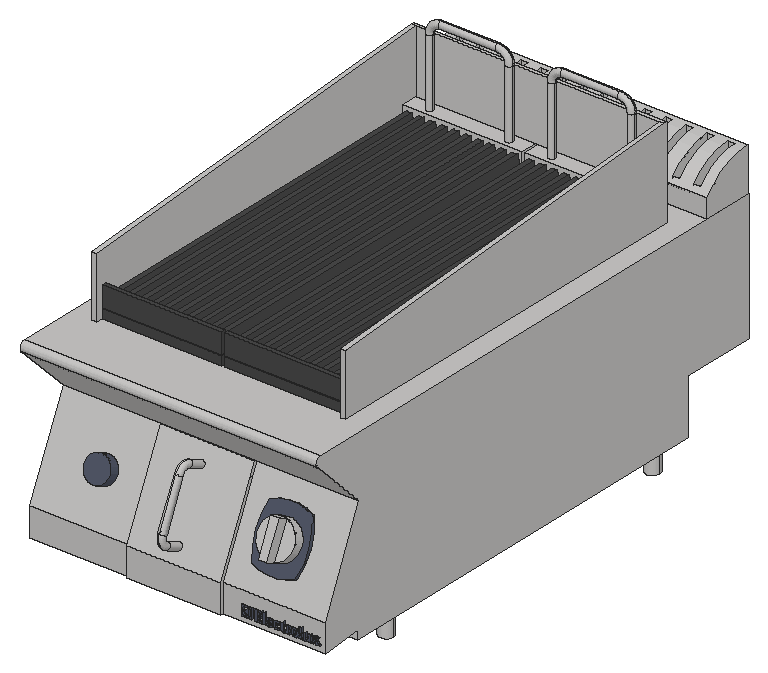
Revit family "QF_ELECTROLUXPROFESSIONAL_371042_E7GRGDGC0P", category Specialty Equipment, Revit 2018
Family settings
  Round Connector Dimension = Use Diameter
  Part Type = Normal
  Work Plane-Based = No
  Always vertical = Yes
  Cut with Voids When Loaded = No
  Shared = No
  Room Calculation Point = No
Parameters
  Width = 400.1 mm  # constant formula
  Weight in Pounds = 71  # constant formula
  Watts = 0 W
  URL Cutsheet = "www.electrolux.com/foodservice"
  URL = "www.electrolux.com/foodservice"
  Type Mark [instance] = ""
  Status [instance] = ""
  Specification by User [instance] = ""
  Specification by Manufacturer = ""
  Show Logo [instance] = yes
  Show Clearance [instance] = yes
  Serial Number = ""
  Seismic Rating = ""
  SMACNA No = ""
  Revision Code [instance] = ""
  Omniclass Number and Title = ""
  NAFEM Spec ID Number = ""
  Model = "371042"
  Mechanical Remarks = ""
  Mechanical Connection Type = ""
  Masterspec = ""
  Manufacturer = "ELECTROLUX"
  Item Number [instance] = ""
  Installed By [instance] = ""
  Identify Quantity as Lot [instance] = yes
  Height = 423.9 mm  # constant formula
  HP = "0 HP"
  Gas Size = 12.7 mm  # 1/2"
  Gas RI Height [instance] = 0 mm
  Gas KW = 7  # constant formula
  Gas Input [instance] = 6993.55 VA  # 23863.0 Btu/h
  Gas Connection Height = 0 mm
  Furnished By [instance] = ""
  Foodservice Equipment Identifier [instance] = yes
  Direct Waste Size = 0"
  Description = "700XP Half Module Gas PowerGrill Top"
  Depth = 730.25 mm  # constant formula
  CSI MasterFormat = ""
  CSI Master Format = ""
  Base Height [instance] = 23.813 mm  # constant formula
  Assembly Code = ""
Reference planes
  plane 1 "BACK": y = 0
  plane 2: z = 0
  plane 3 "LEFT": x = 0
  plane 4 "RIGHT": x = 400.1
  plane 5 "FRONT": y = -730.25
  plane 6 "TOP": z = 288.925
  plane 7 "Center Y": x = 200.05
  plane 8 "Center X": y = -365.125
  plane 9 "BASE": z = 23.813
  plane 10 "TOP A": z = 274.638
  plane 11: y = -597.884
  plane 12: y = -147.637
  plane 13: z = 423.9
Forms (mm)
  Extrusion 1, solid, material "QF_Finishes_Stainless Steel"
    sketch origin (0, 0, 0) x (0, 1, 0) y (0, 0, 1)
      loop
        line (0, 274.638) -> (-722.836, 274.638)
        arc (-722.836, 274.638) -> (-729.637, 270.094) -> (-728.041, 262.072) r 7.361
        line (-728.041, 262.072) -> (-657.416, 191.447) -> (-713.772, 69.003) -> (-713.772, 30.903) -> (-660.4, 36.513) -> (-660.4, 23.812) -> (-101.6, 23.812) -> (-101.6, 98.425) -> (0, 98.425) -> (0, 274.638)
    from 0 to 400.1
  Extrusion 2, solid, material "QF_Finishes_Stainless Steel"
    sketch origin (0, 0, 0) x (1, 0, 0) y (0, 1, 0)
      loop
        circle (11.112, -147.638) r 9.525
      loop
        circle (11.112, -597.884) r 9.525
      loop
        circle (388.987, -147.638) r 9.525
      loop
        circle (388.987, -597.884) r 9.525
    from 0 to 23.813
  Extrusion 3, solid, material "QF_Finishes_Stainless Steel"
    sketch origin (0, -101.6, 101.6) x (0, 0, -1) y (-1, 0, 0)
      loop
        circle (43.882, -347.713) r 6.35
    from 0 to 3.175
  Extrusion 4, solid, material "QF_Finishes_Clearance", visible <- "Show Clearance", detail levels coarse
    sketch origin (0, 0, 0) x (1, 0, 0) y (0, 1, 0)
      loop
        line (0, -730.25) -> (0, 0) -> (400.1, 0) -> (400.1, -730.25) -> (550.119, -730.25) -> (550.119, 150.019) -> (-150.019, 150.019) -> (-150.019, -730.25) -> (0, -730.25)
    from 0 to 396
  Extrusion 5, solid, material "QF_Finishes_Black"
    sketch origin (0, 0, 274.638) x (0, -1, 0) y (1, 0, 0)
      loop
        line (636.964, 36.625) -> (636.964, 198.425) -> (130.285, 198.425) -> (130.285, 36.625) -> (636.964, 36.625)
      loop
        line (636.964, 363.475) -> (130.285, 363.475) -> (130.285, 201.625) -> (636.964, 201.625) -> (636.964, 363.475)
    from 0 to 12.7
  Extrusion 6, solid, material "QF_Finishes_Stainless Steel"
    sketch origin (0, 0, 274.638) x (0, -1, 0) y (1, 0, 0)
      loop
        line (130.285, 36.625) -> (130.285, 198.425) -> (107.795, 198.425) -> (107.795, 36.625) -> (130.285, 36.625)
      loop
        line (130.285, 363.475) -> (107.795, 363.475) -> (107.795, 201.625) -> (130.285, 201.625) -> (130.285, 363.475)
    from 0 to 37.056
  Extrusion 7, solid, material "QF_Finishes_Black"
    sketch origin (52.271, -631.964, 287.338) x (-0.153405, 0, 0.988163) y (-0.988163, 0, -0.153405)
      loop
        line (-20.852, -144.668) -> (6.587, -148.928) -> (31.408, 10.957) -> (3.969, 15.217) -> (-20.852, -144.668)
      loop
        line (-21.343, -147.83) -> (-46.164, -307.715) -> (-18.724, -311.975) -> (6.097, -152.09) -> (-21.343, -147.83)
    from 0 to 5
  Sweep 8, solid, material "QF_Finishes_Stainless Steel"
    path origin (-5, -118.772, 30.903) x (0, 0, 1) y (-1, 0, 0)
      loop
        line (280.79, -69.399) -> (372.677, -69.399)
        arc (372.677, -69.399) -> (383.453, -73.862) -> (387.917, -84.639) r 15.24
        line (387.917, -84.639) -> (387.917, -162.081)
        arc (387.917, -162.081) -> (383.453, -172.858) -> (372.677, -177.321) r 15.24
        line (372.677, -177.321) -> (280.79, -177.321)
    profile origin (64.399, -118.772, 357.637) x (-1, 0, 0) y (0, -1, 0)
      loop
        circle (0, 0) r 4.572
  Extrusion 9, solid, material "QF_Finishes_Stainless Steel"
    sketch origin (133.95, 0, 0) x (0, 1, 0) y (0, 0, 1)
      loop
        line (-657.416, 191.447) -> (-660.323, 192.784) -> (-716.972, 69.704) -> (-716.972, 30.903) -> (-713.772, 30.903) -> (-713.772, 69.003) -> (-657.416, 191.447)
    from 0 to 127
  Sweep 10, solid, material "QF_Finishes_Stainless Steel"
    path origin (196.45, 0, 0) x (0, 1, 0) y (0, 0, 1)
      loop
        line (-670.615, 170.424) -> (-691.243, 179.918)
        arc (-691.243, 179.918) -> (-700.956, 180.294) -> (-708.09, 173.692) r 12.7
        line (-708.09, 173.692) -> (-735.638, 113.839)
        arc (-735.638, 113.839) -> (-736.013, 104.126) -> (-729.411, 96.993) r 12.7
        line (-729.411, 96.993) -> (-708.782, 87.498)
    profile origin (196.45, -680.929, 175.171) x (0, -0.418102, -0.9084) y (1, 0, 0)
      loop
        circle (0, 0) r 4.572
  Extrusion 11, solid, material "QF_Finishes_Navy Blue"
    sketch origin (638.031, -727.475, 39.231) x (0, 0.418102, 0.9084) y (-1, 0, 0)
      loop
        circle (98.862, 559.801) r 17.8
    from 0 to 12.7
  Extrusion 12, solid, material "QF_Finishes_Drawer Clearance", visible <- "Show Clearance", detail levels coarse
    sketch origin (133.95, 0, 0) x (0, 1, 0) y (0, 0, 1)
      loop
        line (-660.323, 192.784) -> (-1316.538, 192.784) -> (-1373.188, 69.704) -> (-1373.188, 30.903) -> (-716.972, 30.903) -> (-716.972, 69.704) -> (-660.323, 192.784)
    from 0 to 127
  Extrusion 13, solid, material "QF_Finishes_Stainless Steel"
    sketch origin (35.025, -104.885, 396) x (0, -1, 0) y (0, 0, -1)
      loop
        line (0, 0) -> (540, 38.857) -> (540, 121.362) -> (0, 121.363) -> (0, 0)
    from 0 to -6.35
  Extrusion 14, solid, material "QF_Finishes_Stainless Steel"
    sketch origin (365.025, -104.885, 396) x (0, -1, 0) y (0, 0, 1)
      loop
        line (0, 0) -> (0, -121.363) -> (540, -121.362) -> (540, -38.857) -> (0, 0)
    from 0 to -6.35
  Extrusion 15, solid, material "QF_Finishes_Stainless Steel"
    sketch origin (35.025, -104.885, 274.638) x (0, 0, 1) y (1, 0, 0)
      loop
        line (0, -6.35) -> (121.363, -6.35) -> (121.363, 336.35) -> (0, 336.35) -> (0, -6.35)
    from 0 to 3.2
  Sweep 16, solid, material "QF_Finishes_Stainless Steel"
    path origin (160, -118.772, 30.903) x (0, 0, 1) y (-1, 0, 0)
      loop
        line (280.79, -69.399) -> (372.677, -69.399)
        arc (372.677, -69.399) -> (383.453, -73.862) -> (387.917, -84.639) r 15.24
        line (387.917, -84.639) -> (387.917, -162.106)
        arc (387.917, -162.106) -> (383.453, -172.883) -> (372.677, -177.346) r 15.24
        line (372.677, -177.346) -> (280.79, -177.346)
    profile origin (229.399, -118.772, 357.637) x (-1, 0, 0) y (0, -1, 0)
      loop
        circle (0, 0) r 4.572
  Extrusion 17, solid, material "QF_Finishes_Stainless Steel"
    sketch origin (0, 0, 0) x (0, 1, 0) y (0, 0, 1)
      loop
        line (0, 274.638) -> (0, 333.375)
        arc (0, 333.375) -> (-38.879, 324.991) -> (-69.85, 300.038) r 86.156
        line (-69.85, 300.038) -> (-69.85, 274.638) -> (0, 274.638)
    from 0 to 400.05
  Extrusion 18, void
    sketch origin (0, 0, 274.638) x (-1, 0, 0) y (0, -1, 0)
      loop
        line (-13.453, 6.761) -> (-13.453, 63.911) -> (-22.749, 63.911) -> (-22.749, 6.761) -> (-13.453, 6.761)
    from 25.4 to 63.5
  Extrusion 19, void
    sketch origin (400.05, 0, 274.638) x (1, 0, 0) y (0, 1, 0)
      loop
        line (-13.403, -6.761) -> (-22.699, -6.761) -> (-22.699, -63.911) -> (-13.403, -63.911) -> (-13.403, -6.761)
    from 25.4 to 63.5
  Extrusion 20, void
    sketch origin (27.988, 0, 274.638) x (-1, 0, 0) y (0, -1, 0)
      loop
        line (-13.453, 6.761) -> (-13.453, 63.911) -> (-22.749, 63.911) -> (-22.749, 6.761) -> (-13.453, 6.761)
    from 25.4 to 63.5
  Extrusion 21, void
    sketch origin (55.977, 0, 274.638) x (-1, 0, 0) y (0, -1, 0)
      loop
        line (-13.453, 6.761) -> (-13.453, 63.911) -> (-22.749, 63.911) -> (-22.749, 6.761) -> (-13.453, 6.761)
    from 25.4 to 63.5
  Extrusion 22, void
    sketch origin (83.965, 0, 274.638) x (-1, 0, 0) y (0, -1, 0)
      loop
        line (-13.478, 6.761) -> (-13.478, 63.911) -> (-22.774, 63.911) -> (-22.774, 6.761) -> (-13.478, 6.761)
    from 25.4 to 63.5
  Extrusion 23, void
    sketch origin (111.953, 0, 274.638) x (-1, 0, 0) y (0, -1, 0)
      loop
        line (-13.478, 6.761) -> (-13.478, 63.911) -> (-22.774, 63.911) -> (-22.774, 6.761) -> (-13.478, 6.761)
    from 25.4 to 63.5
  Extrusion 24, void
    sketch origin (139.942, 0, 274.638) x (-1, 0, 0) y (0, -1, 0)
      loop
        line (-13.478, 6.761) -> (-13.478, 63.911) -> (-22.774, 63.911) -> (-22.774, 6.761) -> (-13.478, 6.761)
    from 25.4 to 63.5
  Extrusion 25, void
    sketch origin (167.93, 0, 274.638) x (-1, 0, 0) y (0, -1, 0)
      loop
        line (-13.478, 6.761) -> (-13.478, 63.911) -> (-22.774, 63.911) -> (-22.774, 6.761) -> (-13.478, 6.761)
    from 25.4 to 63.5
  Extrusion 26, void
    sketch origin (195.918, 0, 274.638) x (-1, 0, 0) y (0, -1, 0)
      loop
        line (-13.478, 6.761) -> (-13.478, 63.911) -> (-22.774, 63.911) -> (-22.774, 6.761) -> (-13.478, 6.761)
    from 25.4 to 63.5
  Extrusion 27, void
    sketch origin (223.907, 0, 274.638) x (-1, 0, 0) y (0, -1, 0)
      loop
        line (-13.478, 6.761) -> (-13.478, 63.911) -> (-22.774, 63.911) -> (-22.774, 6.761) -> (-13.478, 6.761)
    from 25.4 to 63.5
  Extrusion 28, void
    sketch origin (251.895, 0, 274.638) x (-1, 0, 0) y (0, -1, 0)
      loop
        line (-13.478, 6.761) -> (-13.478, 63.911) -> (-22.774, 63.911) -> (-22.774, 6.761) -> (-13.478, 6.761)
    from 25.4 to 63.5
  Extrusion 29, void
    sketch origin (279.884, 0, 274.638) x (-1, 0, 0) y (0, -1, 0)
      loop
        line (-13.503, 6.761) -> (-13.503, 63.911) -> (-22.799, 63.911) -> (-22.799, 6.761) -> (-13.503, 6.761)
    from 25.4 to 63.5
  Extrusion 30, void
    sketch origin (307.872, 0, 274.638) x (-1, 0, 0) y (0, -1, 0)
      loop
        line (-13.503, 6.761) -> (-13.503, 63.911) -> (-22.799, 63.911) -> (-22.799, 6.761) -> (-13.503, 6.761)
    from 25.4 to 63.5
  Extrusion 31, void
    sketch origin (335.86, 0, 274.638) x (-1, 0, 0) y (0, -1, 0)
      loop
        line (-13.503, 6.761) -> (-13.503, 63.911) -> (-22.799, 63.911) -> (-22.799, 6.761) -> (-13.503, 6.761)
    from 25.4 to 63.5
  Extrusion 32, solid, material "QF_Finishes_Navy Blue"
    sketch origin (-218.02, -713.772, 69.003) x (0, 0.418102, 0.9084) y (-1, 0, 0)
      loop
        arc (102.623, -510.495) -> (67.041, -502.872) -> (31.333, -509.878) r 90.523
        arc (31.333, -509.878) -> (24.501, -539.078) -> (31.333, -568.278) r 65.822
        arc (31.333, -568.278) -> (67.043, -575.368) -> (102.623, -567.653) r 89.527
        arc (102.623, -567.653) -> (109.181, -539.074) -> (102.623, -510.495) r 65.549
    from 0 to 3.175
  Extrusion 33, solid, material "QF_Finishes_Stainless Steel"
    sketch origin (160.73, -717.485, 68.529) x (0, 0.418102, 0.9084) y (-1, 0, 0)
      loop
        circle (68.826, -160.963) r 25.4
    from 0 to 12.7
  Extrusion 34, solid, material "QF_Finishes_Stainless Steel"
    sketch origin (160.73, -729.022, 73.839) x (0, 0.418102, 0.9084) y (-1, 0, 0)
      loop
        arc (93.558, -166.749) -> (94.226, -160.963) -> (93.558, -155.177) r 25.4
        line (93.558, -155.177) -> (44.094, -155.177)
        arc (44.094, -155.177) -> (43.426, -160.963) -> (44.094, -166.749) r 25.4
        line (44.094, -166.749) -> (93.558, -166.749)
    from 0 to 12.7
  Extrusion 35, solid, material "QF_Finishes_Navy Blue", visible <- "Show Logo"
    sketch origin (0, -713.772, 30.903) x (0, 0, 1) y (-1, 0, 0)
      loop
        line (20.674, -296.698) -> (8.307, -296.698)
        arc (8.307, -296.698) -> (14.491, -301.27) -> (20.674, -296.698) r 6.467
      loop
        arc (20.674, -296.069) -> (19.505, -290.926) -> (14.849, -288.448) r 6.338
        line (14.849, -288.448) -> (14.849, -290.494)
        arc (14.849, -290.494) -> (16.333, -294.149) -> (19.778, -296.069) r 5.941
        line (19.778, -296.069) -> (20.674, -296.069)
      loop
        arc (9.203, -296.069) -> (12.648, -294.149) -> (14.132, -290.494) r 5.941
        line (14.132, -290.494) -> (14.132, -288.448)
        arc (14.132, -288.448) -> (9.438, -290.922) -> (8.148, -296.069) r 6.504
        line (8.148, -296.069) -> (9.203, -296.069)
      loop
        line (21.349, -287.979) -> (7.604, -287.979) -> (7.604, -301.742) -> (21.349, -301.742) -> (21.349, -287.979)
      loop
        arc (21.432, -304.71) -> (21.085, -304.352) -> (20.718, -304.69) r 0.358
        arc (20.718, -304.69) -> (20.404, -305.44) -> (19.687, -305.825) r 1.216
        line (19.687, -305.825) -> (9.274, -305.825)
        arc (9.274, -305.825) -> (8.614, -305.548) -> (8.218, -304.951) r 1.238
        arc (8.218, -304.951) -> (7.823, -304.7) -> (7.518, -305.054) r 0.358
        line (7.518, -305.054) -> (7.518, -314.933) -> (10.269, -314.933) -> (10.269, -314.036)
        arc (10.269, -314.036) -> (9.36, -313.456) -> (8.904, -312.479) r 1.928
        line (8.904, -312.479) -> (8.904, -309.98)
        arc (8.904, -309.98) -> (9.18, -309.251) -> (9.868, -308.887) r 1.101
        line (9.868, -308.887) -> (13.955, -308.887) -> (13.955, -312.561)
        arc (13.955, -312.561) -> (13.602, -313.058) -> (13.037, -313.286) r 1.083
        arc (13.037, -313.286) -> (12.773, -313.591) -> (13.065, -313.869) r 0.292
        line (13.065, -313.869) -> (16.028, -313.869)
        arc (16.028, -313.869) -> (16.33, -313.596) -> (16.092, -313.266) r 0.305
        arc (16.092, -313.266) -> (15.601, -313.018) -> (15.296, -312.561) r 1.083
        line (15.296, -312.561) -> (15.296, -308.887) -> (19.973, -308.887) -> (19.973, -312.635)
        arc (19.973, -312.635) -> (19.759, -313.39) -> (19.153, -313.888) r 1.314
        arc (19.153, -313.888) -> (18.934, -314.292) -> (19.288, -314.585) r 0.361
        line (19.288, -314.585) -> (21.432, -314.585) -> (21.432, -304.71)
      loop
        arc (20.715, -315.365) -> (20.335, -316.284) -> (19.416, -316.664) r 1.299
        line (19.416, -316.664) -> (9.837, -316.664)
        arc (9.837, -316.664) -> (8.999, -316.286) -> (8.728, -315.408) r 1.118
        line (8.728, -315.408) -> (7.518, -315.408) -> (7.518, -320.758) -> (8.706, -320.758)
        arc (8.706, -320.758) -> (8.978, -319.841) -> (9.848, -319.445) r 1.153
        line (9.848, -319.445) -> (21.92, -319.445) -> (20.715, -315.365)
      loop
        line (12.483, -323.394) -> (12.483, -329.842) -> (13.282, -329.842)
        arc (13.282, -329.842) -> (15.862, -328.857) -> (17.131, -326.404) r 3.874
        line (17.131, -326.404) -> (17.131, -324.643)
        arc (17.131, -324.643) -> (15.944, -321.778) -> (13.08, -320.592) r 4.051
        line (13.08, -320.592) -> (11.072, -320.592)
        arc (11.072, -320.592) -> (8.253, -322.077) -> (7.202, -325.084) r 4.352
        arc (7.202, -325.084) -> (7.566, -327.547) -> (8.943, -329.621) r 5.713
        line (8.943, -329.621) -> (9.892, -329.621)
        arc (9.892, -329.621) -> (9.16, -328.052) -> (8.943, -326.334) r 5.579
        arc (8.943, -326.334) -> (9.737, -324.371) -> (11.616, -323.394) r 3.057
        line (11.616, -323.394) -> (12.483, -323.394)
      loop
        line (13.742, -323.394) -> (13.742, -326.977)
        arc (13.742, -326.977) -> (15.199, -327.024) -> (16.082, -325.864) r 1.59
        line (16.082, -325.864) -> (16.082, -325.034)
        arc (16.082, -325.034) -> (15.217, -323.779) -> (13.742, -323.394) r 2.184
      loop
        arc (16.533, -339.259) -> (17.022, -337.585) -> (17.179, -335.848) r 9.023
        line (17.179, -335.848) -> (17.179, -334.486)
        arc (17.179, -334.486) -> (16.02, -331.686) -> (13.22, -330.527) r 3.959
        line (13.22, -330.527) -> (10.62, -330.527)
        arc (10.62, -330.527) -> (8.338, -331.819) -> (7.221, -334.192) r 4.331
        line (7.221, -334.192) -> (7.221, -336.327)
        arc (7.221, -336.327) -> (7.729, -337.877) -> (8.651, -339.223) r 5.772
        arc (8.651, -339.223) -> (9.412, -339.274) -> (9.499, -338.515) r 0.553
        arc (9.499, -338.515) -> (9.111, -337.781) -> (8.977, -336.962) r 2.573
        line (8.977, -336.962) -> (8.977, -335.447)
        arc (8.977, -335.447) -> (9.983, -333.806) -> (11.798, -333.163) r 2.884
        line (11.798, -333.163) -> (13.077, -333.163)
        arc (13.077, -333.163) -> (14.898, -333.723) -> (15.824, -335.388) r 2.554
        line (15.824, -335.388) -> (15.824, -336.441)
        arc (15.824, -336.441) -> (15.493, -337.369) -> (14.836, -338.104) r 2.564
        arc (14.836, -338.104) -> (14.614, -338.821) -> (15.223, -339.259) r 0.643
        line (15.223, -339.259) -> (16.533, -339.259)
      loop
        line (15.515, -339.53) -> (15.515, -341.031) -> (9.467, -341.031)
        arc (9.467, -341.031) -> (7.879, -341.688) -> (7.221, -343.276) r 2.246
        line (7.221, -343.276) -> (7.221, -344.86)
        arc (7.221, -344.86) -> (7.535, -345.725) -> (8.035, -346.496) r 4.06
        arc (8.035, -346.496) -> (8.768, -346.629) -> (9.019, -345.928) r 0.576
        arc (9.019, -345.928) -> (8.913, -345.403) -> (8.977, -344.87) r 1.69
        arc (8.977, -344.87) -> (9.519, -344.082) -> (10.425, -343.779) r 1.506
        line (10.425, -343.779) -> (15.563, -343.779) -> (15.563, -346.176) -> (16.119, -346.733) -> (16.941, -346.733) -> (16.941, -343.873) -> (20.172, -343.873) -> (15.515, -339.53)
      loop
        line (7.438, -347.63) -> (7.438, -353.017) -> (8.548, -353.017)
        arc (8.548, -353.017) -> (8.942, -352.066) -> (9.893, -351.672) r 1.345
        line (9.893, -351.672) -> (13.509, -351.672)
        arc (13.509, -351.672) -> (14.274, -352.264) -> (14.564, -353.186) r 1.615
        line (14.564, -353.186) -> (14.564, -354.742) -> (17.119, -355.427) -> (17.119, -354.044) -> (15.177, -351.485) -> (17.057, -351.485) -> (16.773, -348.779)
        arc (16.773, -348.779) -> (16.333, -348.249) -> (15.674, -348.45) r 0.621
        arc (15.674, -348.45) -> (15.274, -348.792) -> (14.78, -348.975) r 1.501
        line (14.78, -348.975) -> (9.893, -348.975)
        arc (9.893, -348.975) -> (8.942, -348.581) -> (8.548, -347.63) r 1.345
        line (8.548, -347.63) -> (7.438, -347.63)
      loop
        line (13.54, -354.964) -> (10.848, -354.964)
        arc (10.848, -354.964) -> (8.403, -356.272) -> (7.269, -358.803) r 4.288
        arc (7.269, -358.803) -> (7.205, -360.183) -> (7.269, -361.563) r 15.022
        arc (7.269, -361.563) -> (8.403, -364.094) -> (10.848, -365.401) r 4.288
        line (10.848, -365.401) -> (13.54, -365.401)
        arc (13.54, -365.401) -> (15.986, -364.094) -> (17.119, -361.563) r 4.288
        arc (17.119, -361.563) -> (17.183, -360.183) -> (17.119, -358.803) r 15.022
        arc (17.119, -358.803) -> (15.986, -356.272) -> (13.54, -354.964) r 4.288
      loop
        line (13.745, -358.078) -> (10.643, -358.078)
        arc (10.643, -358.078) -> (8.486, -360.235) -> (10.643, -362.392) r 2.157
        line (10.643, -362.392) -> (13.745, -362.392)
        arc (13.745, -362.392) -> (15.902, -360.235) -> (13.745, -358.078) r 2.157
      loop
        arc (20.726, -365.26) -> (20.355, -366.154) -> (19.461, -366.524) r 1.264
        line (19.461, -366.524) -> (9.597, -366.524)
        arc (9.597, -366.524) -> (8.727, -366.127) -> (8.455, -365.211) r 1.153
        line (8.455, -365.211) -> (7.518, -365.211) -> (7.518, -370.319) -> (8.446, -370.319)
        arc (8.446, -370.319) -> (8.805, -369.547) -> (9.597, -369.232) r 1.153
        line (9.597, -369.232) -> (21.92, -369.232) -> (20.726, -365.26)
      loop
        arc (15.846, -369.857) -> (15.647, -370.921) -> (14.678, -371.403) r 1.215
        line (14.678, -371.403) -> (9.658, -371.403)
        arc (9.658, -371.403) -> (8.043, -372.051) -> (7.322, -373.634) r 2.338
        line (7.322, -373.634) -> (7.322, -375.148)
        arc (7.322, -375.148) -> (7.497, -376.152) -> (7.999, -377.038) r 2.979
        line (7.999, -377.038) -> (7.518, -378.835) -> (7.518, -380.524) -> (16.943, -380.524) -> (16.649, -376.32) -> (15.863, -376.32)
        arc (15.863, -376.32) -> (15.507, -377.156) -> (14.755, -377.665) r 1.605
        line (14.755, -377.665) -> (9.652, -377.665)
        arc (9.652, -377.665) -> (9.232, -376.728) -> (9.159, -375.704) r 2.94
        arc (9.159, -375.704) -> (9.72, -374.603) -> (10.873, -374.16) r 1.724
        line (10.873, -374.16) -> (17.07, -374.16) -> (15.846, -369.857)
      loop
        line (16.874, -381.377) -> (15.202, -383.423) -> (12.028, -385.729) -> (8.572, -382.617)
        arc (8.572, -382.617) -> (8.335, -382.223) -> (8.357, -381.764) r 0.789
        line (8.357, -381.764) -> (7.518, -381.764) -> (7.518, -385.309) -> (8.344, -385.309)
        arc (8.344, -385.309) -> (8.686, -384.947) -> (9.176, -385.039) r 0.52
        line (9.176, -385.039) -> (10.976, -386.51) -> (8.858, -387.886)
        arc (8.858, -387.886) -> (8.457, -387.576) -> (8.37, -387.076) r 0.7
        line (8.37, -387.076) -> (7.518, -387.076) -> (7.518, -393.003) -> (8.405, -393.003)
        arc (8.405, -393.003) -> (8.472, -392.344) -> (8.866, -391.813) r 1.247
        line (8.866, -391.813) -> (13.066, -388.532) -> (15.513, -390.585) -> (16.874, -392.327) -> (16.874, -388.604) -> (15.389, -389.026) -> (13.868, -387.749) -> (15.568, -386.559) -> (16.874, -387.336) -> (16.874, -381.377)
    from 0 to 1.644
Cuts and joins
  joined: Extrusion 13, Extrusion 14, Extrusion 15
  Extrusion 18 cuts Extrusion 4
  Extrusion 18, Extrusion 19, Extrusion 20, Extrusion 21, Extrusion 22, Extrusion 23, Extrusion 24, Extrusion 25, Extrusion 26, Extrusion 27, Extrusion 28, Extrusion 29, Extrusion 30, Extrusion 31 cuts Extrusion 17
Lines and regions (mm)
  Split face 1
    outline origin (-218.02, -716.656, 70.33) x (0, 0.418102, 0.9084) y (-1, 0, 0)
      loop
        arc (67.041, -503.158) -> (48.669, -506.69) -> (35.363, -519.842) r 32.191
        line (35.363, -519.842) -> (45.047, -525.087)
        arc (45.047, -525.087) -> (54.648, -516.737) -> (67.041, -513.859) r 26.351
        line (67.041, -513.859) -> (67.041, -503.158)
  Split face 2
    outline origin (-218.02, -716.656, 70.33) x (0, 0.418102, 0.9084) y (-1, 0, 0)
      loop
        line (44.251, -526.293) -> (34.615, -521.075)
        arc (34.615, -521.075) -> (41.047, -560.592) -> (81.049, -562.261) r 31.684
        arc (81.049, -562.261) -> (48.21, -559.05) -> (44.251, -526.293) r 26.351
  symbolic lines, style "QF-Clearances", visible <- "Show Clearance", detail levels coarse
    curve 1: line (550.119, 150.019, 274.638) -> (-150.019, 150.019, 274.638)
    curve 2: line (550.119, -730.25, 274.638) -> (550.119, 150.019, 274.638)
    curve 3: line (-150.019, 150.019, 274.638) -> (-150.019, -730.25, 274.638)
    curve 4: line (550.119, 150.019, 274.638) -> (-150.019, 150.019, 274.638)
  symbolic lines
    curve 5: line (0, 0, 274.638) -> (400.1, 0, 274.638)
    curve 6: line (0, -730.25, 274.638) -> (0, 0, 274.638)
    curve 7: line (400.1, 0, 274.638) -> (400.1, -730.25, 274.638)
    curve 8: line (35.025, -104.885, 274.638) -> (35.025, -644.885, 274.638)
    curve 9: line (28.675, -644.885, 274.638) -> (35.025, -644.885, 274.638)
    curve 10: line (365.075, -104.885, 274.638) -> (35.025, -104.885, 274.638)
    curve 11: line (0, -69.85, 274.638) -> (400.1, -69.85, 274.638)
    curve 12: line (28.675, -98.535, 274.638) -> (28.675, -644.885, 274.638)
    curve 13: line (28.675, -98.535, 274.638) -> (371.425, -98.535, 274.638)
    curve 14: line (400.1, -730.25, 274.638) -> (0, -730.25, 274.638)
    curve 15: line (36.625, -107.795, 274.638) -> (198.45, -107.795, 274.638)
    curve 16: line (36.625, -636.964, 274.638) -> (36.625, -107.795, 274.638)
    curve 17: line (198.45, -130.285, 274.638) -> (36.625, -130.285, 274.638)
    curve 18: line (198.45, -107.795, 274.638) -> (198.45, -636.964, 274.638)
    curve 22: line (201.65, -107.795, 274.638) -> (363.475, -107.795, 274.638)
    curve 23: line (201.65, -636.964, 274.638) -> (201.65, -107.795, 274.638)
    curve 24: line (363.475, -130.285, 274.638) -> (201.65, -130.285, 274.638)
    curve 25: line (363.475, -107.795, 274.638) -> (363.475, -636.964, 274.638)
    curve 26: line (64.399, -114.2, 274.638) -> (172.321, -114.2, 274.638)
    curve 27: line (172.321, -123.344, 274.638) -> (64.399, -123.344, 274.638)
    curve 28: arc (64.399, -114.2, 274.638) -> (59.827, -118.772, 274.638) -> (64.399, -123.344, 274.638) r 4.572
    curve 29: arc (172.321, -114.2, 274.638) -> (176.893, -118.772, 274.638) -> (172.321, -123.344, 274.638) r 4.572
    curve 30: line (337.289, -114.2, 274.638) -> (229.341, -114.2, 274.638)
    curve 31: line (229.341, -123.344, 274.638) -> (337.289, -123.344, 274.638)
    curve 32: arc (337.289, -114.2, 274.638) -> (341.861, -118.772, 274.638) -> (337.289, -123.344, 274.638) r 4.572
    curve 33: arc (229.341, -114.2, 274.638) -> (224.769, -118.772, 274.638) -> (229.341, -123.344, 274.638) r 4.572
    curve 34: line (36.625, -636.964, 274.638) -> (198.45, -636.964, 274.638)
    curve 35: line (198.45, -631.964, 274.638) -> (36.625, -631.964, 274.638)
    curve 36: line (201.65, -636.964, 274.638) -> (363.475, -636.964, 274.638)
    curve 37: line (363.475, -631.964, 274.638) -> (201.65, -631.964, 274.638)
    curve 38: line (365.075, -104.885, 274.638) -> (365.075, -644.885, 274.638)
    curve 39: line (371.425, -644.885, 274.638) -> (365.075, -644.885, 274.638)
    curve 40: line (371.425, -98.535, 274.638) -> (371.425, -644.885, 274.638)
    curve 41: line (13.478, -6.761, 274.638) -> (22.774, -6.761, 274.638)
    curve 42: line (13.478, -63.911, 274.638) -> (13.478, -6.761, 274.638)
    curve 43: line (22.774, -63.911, 274.638) -> (13.478, -63.911, 274.638)
    curve 44: line (22.774, -6.761, 274.638) -> (22.774, -63.911, 274.638)
    curve 45: line (41.466, -6.761, 274.638) -> (50.762, -6.761, 274.638)
    curve 46: line (41.466, -63.911, 274.638) -> (41.466, -6.761, 274.638)
    curve 47: line (50.762, -63.911, 274.638) -> (41.466, -63.911, 274.638)
    curve 48: line (50.762, -6.761, 274.638) -> (50.762, -63.911, 274.638)
    curve 49: line (69.455, -6.761, 274.638) -> (78.75, -6.761, 274.638)
    curve 50: line (69.455, -63.911, 274.638) -> (69.455, -6.761, 274.638)
    curve 51: line (78.75, -63.911, 274.638) -> (69.455, -63.911, 274.638)
    curve 52: line (78.75, -6.761, 274.638) -> (78.75, -63.911, 274.638)
    curve 53: line (97.443, -6.761, 274.638) -> (106.739, -6.761, 274.638)
    curve 54: line (97.443, -63.911, 274.638) -> (97.443, -6.761, 274.638)
    curve 55: line (106.739, -63.911, 274.638) -> (97.443, -63.911, 274.638)
    curve 56: line (106.739, -6.761, 274.638) -> (106.739, -63.911, 274.638)
    curve 57: line (125.431, -6.761, 274.638) -> (134.727, -6.761, 274.638)
    curve 58: line (125.431, -63.911, 274.638) -> (125.431, -6.761, 274.638)
    curve 59: line (134.727, -63.911, 274.638) -> (125.431, -63.911, 274.638)
    curve 60: line (134.727, -6.761, 274.638) -> (134.727, -63.911, 274.638)
    curve 61: line (153.42, -6.761, 274.638) -> (162.715, -6.761, 274.638)
    curve 62: line (153.42, -63.911, 274.638) -> (153.42, -6.761, 274.638)
    curve 63: line (162.715, -63.911, 274.638) -> (153.42, -63.911, 274.638)
    curve 64: line (162.715, -6.761, 274.638) -> (162.715, -63.911, 274.638)
    curve 65: line (181.408, -6.761, 274.638) -> (190.704, -6.761, 274.638)
    curve 66: line (181.408, -63.911, 274.638) -> (181.408, -6.761, 274.638)
    curve 67: line (190.704, -63.911, 274.638) -> (181.408, -63.911, 274.638)
    curve 68: line (190.704, -6.761, 274.638) -> (190.704, -63.911, 274.638)
    curve 69: line (209.396, -6.761, 274.638) -> (218.692, -6.761, 274.638)
    curve 70: line (209.396, -63.911, 274.638) -> (209.396, -6.761, 274.638)
    curve 71: line (218.692, -63.911, 274.638) -> (209.396, -63.911, 274.638)
    curve 72: line (218.692, -6.761, 274.638) -> (218.692, -63.911, 274.638)
    curve 73: line (237.41, -6.761, 274.638) -> (246.705, -6.761, 274.638)
    curve 74: line (237.41, -63.911, 274.638) -> (237.41, -6.761, 274.638)
    curve 75: line (246.705, -63.911, 274.638) -> (237.41, -63.911, 274.638)
    curve 76: line (246.705, -6.761, 274.638) -> (246.705, -63.911, 274.638)
    curve 77: line (265.398, -6.761, 274.638) -> (274.694, -6.761, 274.638)
    curve 78: line (265.398, -63.911, 274.638) -> (265.398, -6.761, 274.638)
    curve 79: line (274.694, -63.911, 274.638) -> (265.398, -63.911, 274.638)
    curve 80: line (274.694, -6.761, 274.638) -> (274.694, -63.911, 274.638)
    curve 81: line (293.386, -6.761, 274.638) -> (302.682, -6.761, 274.638)
    curve 82: line (293.386, -63.911, 274.638) -> (293.386, -6.761, 274.638)
    curve 83: line (302.682, -63.911, 274.638) -> (293.386, -63.911, 274.638)
    curve 84: line (302.682, -6.761, 274.638) -> (302.682, -63.911, 274.638)
    curve 85: line (321.375, -6.761, 274.638) -> (330.67, -6.761, 274.638)
    curve 86: line (321.375, -63.911, 274.638) -> (321.375, -6.761, 274.638)
    curve 87: line (330.67, -63.911, 274.638) -> (321.375, -63.911, 274.638)
    curve 88: line (330.67, -6.761, 274.638) -> (330.67, -63.911, 274.638)
    curve 89: line (349.363, -6.761, 274.638) -> (358.659, -6.761, 274.638)
    curve 90: line (349.363, -63.911, 274.638) -> (349.363, -6.761, 274.638)
    curve 91: line (358.659, -63.911, 274.638) -> (349.363, -63.911, 274.638)
    curve 92: line (358.659, -6.761, 274.638) -> (358.659, -63.911, 274.638)
    curve 93: line (377.351, -6.761, 274.638) -> (386.647, -6.761, 274.638)
    curve 94: line (377.351, -63.911, 274.638) -> (377.351, -6.761, 274.638)
    curve 95: line (386.647, -63.911, 274.638) -> (377.351, -63.911, 274.638)
    curve 96: line (386.647, -6.761, 274.638) -> (386.647, -63.911, 274.638)
  symbolic lines, style "QF_Drawer Clearance"
    curve 19: line (133.975, -730.25, 274.638) -> (133.975, -1373.188, 274.638)
    curve 20: line (133.975, -1373.188, 274.638) -> (260.975, -1373.188, 274.638)
    curve 21: line (260.975, -1373.188, 274.638) -> (260.975, -730.25, 274.638)
Dimensions and locks
  equal spacing: plane 3 "LEFT", plane 7 "Center Y", plane 4 "RIGHT"
  "Width": plane 3 "LEFT" to plane 4 "RIGHT"
  equal spacing: plane 5 "FRONT", plane 8 "Center X", plane 1 "BACK"
  "Depth": plane 5 "FRONT" to plane 1 "BACK"
  plane 1 "BACK" to plane 5 "FRONT" = 730.25 mm
  "Base Height": plane 9 "BASE" to level
  locked: plane 10 "TOP A" to plane 9 "BASE" at 250.825
  plane 10 "TOP A" to plane 9 "BASE" = 250.825 mm
  plane 9 "BASE" to level = 23.813 mm
  plane 4 "RIGHT" to Extrusion 3 sketch curve = 52.388 mm
  "Height": plane 13 to level
  equal spacing: group 1, group 3, group 4, group 5, group 6, group 7, group 8, group 9, group 10, group 2  (x3)
  aligned and locked: level to plane 2
  aligned and locked: plane 4 "RIGHT" to Extrusion 1
  aligned and locked: curve 7 to plane 4 "RIGHT"
Automatic sketch dimensions
  Extrusion 1 sketch curve to plane 10 "TOP A" = 0 mm
  Extrusion 1 sketch curve to plane 9 "BASE" = 0 mm
  Extrusion 1 sketch curve to plane 1 "BACK" = 0 mm
  Extrusion 1 sketch curve to plane 12 = 46.038 mm
  plane 11 to Extrusion 1 sketch curve = 59.531 mm
  plane 9 "BASE" to Extrusion 1 sketch curve = 12.7 mm
  plane 11 to Extrusion 1 sketch curve = 62.516 mm
  Extrusion 1 sketch curve to plane 5 "FRONT" = 16.478 mm
  Extrusion 1 sketch curve to plane 5 "FRONT" = 7.414 mm
  Extrusion 1 sketch curve to plane 5 "FRONT" = 2.209 mm
  plane 9 "BASE" to Extrusion 1 sketch curve = 7.09 mm
  Extrusion 1 sketch curve to Extrusion 1 sketch curve = 38.1 mm
  plane 9 "BASE" to Extrusion 1 sketch curve = 74.612 mm
  Extrusion 1 sketch curve to plane 10 "TOP A" = 83.191 mm
  Extrusion 1 sketch curve to plane 10 "TOP A" = 12.566 mm
  nested 1 to Extrusion 7 sketch curve = 307.715 mm
  Extrusion 7 sketch curve to nested 1 = 1.587 mm
  nested 1 to Extrusion 7 sketch curve = 147.83 mm
  Extrusion 7 sketch curve to Extrusion 7 sketch curve = 24.821 mm  (x2)
  nested 1 to Extrusion 7 sketch curve = 144.668 mm
  Extrusion 7 sketch curve to Extrusion 7 sketch curve = 0.491 mm
  nested 1 to Extrusion 7 sketch curve = 311.975 mm
  Extrusion 7 sketch curve to nested 1 = 15.217 mm
  nested 1 to Extrusion 7 sketch curve = 148.928 mm
  plane 6 "TOP" to Sweep 8 sketch curve = 22.768 mm  (x2)
  plane 13 to Sweep 8 sketch curve = 20.32 mm  (x2)
  plane 13 to Sweep 8 sketch curve = 5.08 mm
  Sweep 8 sketch curve to plane 7 "Center Y" = 27.729 mm
  Sweep 8 sketch curve to Sweep 8 sketch curve = 77.443 mm
  Sweep 8 sketch curve to profile plane = 0 mm
  profile plane to Sweep 8 sketch curve = 0 mm
  Extrusion 9 sketch curve to plane 5 "FRONT" = 13.278 mm
  Extrusion 9 sketch curve to Extrusion 9 sketch curve = 3.2 mm
  plane 11 to Extrusion 9 sketch curve = 62.438 mm
  Extrusion 9 sketch curve to Extrusion 9 sketch curve = 2.907 mm
  plane 9 "BASE" to Extrusion 9 sketch curve = 7.09 mm
  Extrusion 9 sketch curve to Extrusion 9 sketch curve = 38.1 mm
  Extrusion 9 sketch curve to Extrusion 9 sketch curve = 0.701 mm
  plane 5 "FRONT" to Sweep 10 sketch curve = 5.388 mm
  Sweep 10 sketch curve to plane 5 "FRONT" = 0.839 mm
  Sweep 10 sketch curve to plane 5 "FRONT" = 6.149 mm
  Sweep 10 sketch curve to plane 5 "FRONT" = 21.468 mm
  Sweep 10 sketch curve to plane 5 "FRONT" = 22.16 mm
  Sweep 10 sketch curve to Sweep 10 sketch curve = 11.537 mm  (x2)
  Sweep 10 sketch curve to Sweep 10 sketch curve = 5.31 mm  (x2)
  Sweep 10 sketch curve to Sweep 10 sketch curve = 20.629 mm
  plane 9 "BASE" to Sweep 10 sketch curve = 63.686 mm
  Sweep 10 sketch curve to Sweep 10 sketch curve = 9.495 mm
  Sweep 10 sketch curve to Sweep 10 sketch curve = 59.852 mm
  Sweep 10 sketch curve to Sweep 10 sketch curve = 2.042 mm
  Sweep 10 sketch curve to profile plane = 0 mm  (x2)
  plane 9 "BASE" to Extrusion 12 sketch curve = 45.891 mm
  plane 5 "FRONT" to Extrusion 12 sketch curve = 642.938 mm
  Extrusion 12 sketch curve to Extrusion 12 sketch curve = 56.649 mm
  Extrusion 12 sketch curve to plane 5 "FRONT" = 13.278 mm
  plane 11 to Extrusion 12 sketch curve = 62.438 mm
  plane 9 "BASE" to Extrusion 12 sketch curve = 7.09 mm
  Extrusion 12 sketch curve to Extrusion 12 sketch curve = 38.801 mm
  Extrusion 12 sketch curve to plane 10 "TOP A" = 81.853 mm
  Extrusion 13 sketch curve to plane 10 "TOP A" = 0 mm
  Extrusion 13 sketch curve to plane 12 = 42.753 mm
  plane 11 to Extrusion 13 sketch curve = 47 mm
  plane 13 to Extrusion 13 sketch curve = 66.757 mm
  plane 13 to Extrusion 13 sketch curve = 27.9 mm
  Extrusion 14 sketch curve to plane 10 "TOP A" = 0 mm
  Extrusion 14 sketch curve to plane 12 = 42.753 mm
  plane 11 to Extrusion 14 sketch curve = 47 mm
  plane 13 to Extrusion 14 sketch curve = 66.757 mm
  plane 13 to Extrusion 14 sketch curve = 27.9 mm
  Extrusion 15 sketch curve to Extrusion 13 = 0 mm  (x3)
  Extrusion 15 sketch curve to Extrusion 13 = 336.35 mm
  level to Extrusion 17 sketch curve = 274.638 mm
  Extrusion 17 sketch curve to plane 1 "BACK" = 0 mm
  plane 1 "BACK" to Extrusion 17 sketch curve = 1.769 mm
  plane 9 "BASE" to Extrusion 17 sketch curve = 276.225 mm
  plane 1 "BACK" to Extrusion 17 sketch curve = 69.85 mm
  level to Extrusion 17 sketch curve = 247.238 mm
  plane 1 "BACK" to Extrusion 18 sketch curve = 6.761 mm
  plane 3 "LEFT" to Extrusion 18 sketch curve = 22.749 mm
  Extrusion 18 sketch curve to Extrusion 18 sketch curve = 9.296 mm
  Extrusion 18 sketch curve to Extrusion 18 sketch curve = 57.15 mm
  plane 1 "BACK" to Extrusion 20 sketch curve = 6.761 mm
  plane 3 "LEFT" to Extrusion 20 sketch curve = 50.737 mm
  Extrusion 20 sketch curve to Extrusion 20 sketch curve = 9.296 mm
  Extrusion 20 sketch curve to Extrusion 20 sketch curve = 57.15 mm
  plane 1 "BACK" to Extrusion 21 sketch curve = 6.761 mm
  plane 3 "LEFT" to Extrusion 21 sketch curve = 78.725 mm
  Extrusion 21 sketch curve to Extrusion 21 sketch curve = 9.296 mm
  Extrusion 21 sketch curve to Extrusion 21 sketch curve = 57.15 mm
  plane 1 "BACK" to Extrusion 22 sketch curve = 6.761 mm
  Extrusion 22 sketch curve to plane 7 "Center Y" = 93.311 mm
  Extrusion 22 sketch curve to Extrusion 22 sketch curve = 9.296 mm
  Extrusion 22 sketch curve to Extrusion 22 sketch curve = 57.15 mm
  plane 1 "BACK" to Extrusion 23 sketch curve = 6.761 mm
  Extrusion 23 sketch curve to plane 7 "Center Y" = 65.323 mm
  Extrusion 23 sketch curve to Extrusion 23 sketch curve = 9.296 mm
  Extrusion 23 sketch curve to Extrusion 23 sketch curve = 57.15 mm
  plane 1 "BACK" to Extrusion 24 sketch curve = 6.761 mm
  Extrusion 24 sketch curve to plane 7 "Center Y" = 37.335 mm
  Extrusion 24 sketch curve to Extrusion 24 sketch curve = 9.296 mm
  Extrusion 24 sketch curve to Extrusion 24 sketch curve = 57.15 mm
  Extrusion 25 sketch curve to plane 7 "Center Y" = 9.346 mm
  Extrusion 25 sketch curve to Extrusion 25 sketch curve = 9.296 mm
  plane 1 "BACK" to Extrusion 25 sketch curve = 6.761 mm
  Extrusion 25 sketch curve to Extrusion 25 sketch curve = 57.15 mm
  plane 1 "BACK" to Extrusion 26 sketch curve = 6.761 mm
  plane 7 "Center Y" to Extrusion 26 sketch curve = 18.642 mm
  Extrusion 26 sketch curve to Extrusion 26 sketch curve = 9.296 mm
  Extrusion 26 sketch curve to Extrusion 26 sketch curve = 57.15 mm
  plane 1 "BACK" to Extrusion 27 sketch curve = 6.761 mm
  plane 7 "Center Y" to Extrusion 27 sketch curve = 46.63 mm
  Extrusion 27 sketch curve to Extrusion 27 sketch curve = 9.296 mm
  Extrusion 27 sketch curve to Extrusion 27 sketch curve = 57.15 mm
  plane 1 "BACK" to Extrusion 28 sketch curve = 6.761 mm
  plane 7 "Center Y" to Extrusion 28 sketch curve = 74.619 mm
  Extrusion 28 sketch curve to Extrusion 28 sketch curve = 9.296 mm
  Extrusion 28 sketch curve to Extrusion 28 sketch curve = 57.15 mm
  plane 11 to Extrusion 2 sketch curve = 0 mm  (x2)
  plane 12 to Extrusion 2 sketch curve = 0 mm  (x2)
  plane 3 "LEFT" to Extrusion 2 sketch curve = 11.112 mm  (x2)
  Extrusion 2 sketch curve to plane 4 "RIGHT" = 11.113 mm  (x2)
  Extrusion 1 to Extrusion 3 sketch curve = 33.906 mm
  plane 5 "FRONT" to Extrusion 4 sketch curve = 0 mm  (x2)
  plane 1 "BACK" to Extrusion 4 sketch curve = 0 mm
  Extrusion 4 sketch curve to plane 3 "LEFT" = 0 mm
  Extrusion 4 sketch curve to plane 4 "RIGHT" = 0 mm
  Extrusion 4 sketch curve to plane 3 "LEFT" = 150.019 mm
  plane 4 "RIGHT" to Extrusion 4 sketch curve = 150.019 mm
  Extrusion 4 sketch curve to plane 1 "BACK" = 150.019 mm
  Extrusion 1 to Extrusion 5 sketch curve = 36.625 mm  (x2)
  Extrusion 1 to Extrusion 5 sketch curve = 130.285 mm  (x2)
  Extrusion 1 to Extrusion 5 sketch curve = 85.872 mm  (x2)
  Extrusion 5 sketch curve to Extrusion 5 sketch curve = 161.8 mm
  Extrusion 5 sketch curve to Extrusion 5 sketch curve = 3.2 mm
  Extrusion 1 to Extrusion 6 sketch curve = 107.795 mm  (x2)
  Extrusion 1 to Extrusion 6 sketch curve = 36.625 mm  (x2)
  Extrusion 6 sketch curve to Extrusion 6 sketch curve = 22.49 mm  (x2)
  Extrusion 6 sketch curve to Extrusion 6 sketch curve = 161.8 mm
  Extrusion 6 sketch curve to Extrusion 6 sketch curve = 3.2 mm
  plane 1 "BACK" to curve 5 = 0 mm
  curve 5 to plane 3 "LEFT" = 0 mm
  plane 5 "FRONT" to curve 3 = 0 mm
  plane 5 "FRONT" to curve 7 = 0 mm
  plane 4 "RIGHT" to curve 4 = 150.019 mm
  curve 13 to plane 4 "RIGHT" = 28.675 mm
  curve 13 to curve 38 = 6.35 mm
  curve 10 to curve 25 = 1.6 mm
  plane 7 "Center Y" to curve 23 = 1.6 mm
  curve 18 to plane 7 "Center Y" = 1.6 mm
  plane 3 "LEFT" to curve 16 = 36.625 mm
  curve 15 to curve 8 = 1.6 mm
  curve 8 to curve 12 = 6.35 mm
  curve 3 to plane 3 "LEFT" = 150.019 mm
  curve 3 to plane 1 "BACK" = 150.019 mm
  plane 1 "BACK" to curve 11 = 69.85 mm
  curve 11 to curve 12 = 28.685 mm
  curve 13 to curve 10 = 6.35 mm
  curve 23 to plane 12 = 39.843 mm
  curve 18 to curve 22 = 0 mm
  curve 17 to plane 12 = 17.353 mm
  curve 24 to plane 12 = 17.353 mm
  plane 11 to curve 16 = 39.08 mm
  plane 11 to curve 23 = 39.08 mm
  curve 18 to curve 23 = 0 mm
  plane 11 to curve 25 = 39.08 mm
  curve 25 to curve 39 = 7.92 mm
  curve 16 to curve 8 = 7.92 mm
  Extrusion 11 sketch curve to Extrusion 1 = 66.089 mm
  Extrusion 1 to Extrusion 11 sketch curve = 78.23 mm
  plane 6 "TOP" to Sweep 16 sketch curve = 22.768 mm  (x2)
  plane 13 to Sweep 16 sketch curve = 20.32 mm  (x2)
  plane 13 to Sweep 16 sketch curve = 5.08 mm
  Sweep 16 sketch curve to plane 4 "RIGHT" = 62.754 mm
  plane 7 "Center Y" to Sweep 16 sketch curve = 44.589 mm
  Sweep 16 sketch curve to profile plane = 0 mm
  profile plane to Sweep 16 sketch curve = 0 mm
  Extrusion 19 sketch curve to plane 1 "BACK" = 6.761 mm
  plane 4 "RIGHT" to Extrusion 19 sketch curve = 22.749 mm
  Extrusion 19 sketch curve to Extrusion 19 sketch curve = 9.296 mm
  Extrusion 19 sketch curve to Extrusion 19 sketch curve = 57.15 mm
  plane 1 "BACK" to Extrusion 29 sketch curve = 6.761 mm
  Extrusion 29 sketch curve to plane 4 "RIGHT" = 97.418 mm
  Extrusion 29 sketch curve to Extrusion 29 sketch curve = 9.296 mm
  Extrusion 29 sketch curve to Extrusion 29 sketch curve = 57.15 mm
  plane 1 "BACK" to Extrusion 30 sketch curve = 6.761 mm
  Extrusion 30 sketch curve to plane 4 "RIGHT" = 69.43 mm
  Extrusion 30 sketch curve to Extrusion 30 sketch curve = 9.296 mm
  Extrusion 30 sketch curve to Extrusion 30 sketch curve = 57.15 mm
  plane 1 "BACK" to Extrusion 31 sketch curve = 6.761 mm
  Extrusion 31 sketch curve to plane 4 "RIGHT" = 41.441 mm
  Extrusion 31 sketch curve to Extrusion 31 sketch curve = 9.296 mm
  Extrusion 31 sketch curve to Extrusion 31 sketch curve = 57.15 mm
  plane 7 "Center Y" to Extrusion 32 sketch curve = 91.808 mm
  Extrusion 32 sketch curve to plane 4 "RIGHT" = 49.842 mm
  Extrusion 32 sketch curve to Extrusion 32 sketch curve = 0 mm
  Extrusion 32 sketch curve to Extrusion 32 sketch curve = 12.3 mm  (x3)
  Extrusion 32 sketch curve to Extrusion 32 sketch curve = 34.925 mm  (x2)
  Extrusion 32 sketch curve to Extrusion 32 sketch curve = 46.691 mm
  Extrusion 32 sketch curve to plane 4 "RIGHT" = 24.728 mm
  Extrusion 32 sketch curve to Extrusion 32 sketch curve = 28.575 mm
  Extrusion 34 sketch curve to Extrusion 34 sketch curve = 24.732 mm
  Extrusion 34 sketch curve to Extrusion 34 sketch curve = 0 mm
  Split face 1 sketch curve to Split face 1 sketch curve = 9.684 mm
  Split face 1 sketch curve to Split face 1 sketch curve = 18.622 mm
  Split face 1 sketch curve to Split face 1 sketch curve = 2.959 mm
  Split face 1 sketch curve to Split face 1 sketch curve = 21.994 mm
  Split face 1 sketch curve to Split face 1 sketch curve = 5.035 mm
  Split face 1 sketch curve to Split face 1 sketch curve = 10.085 mm
  Split face 1 sketch curve to Split face 1 sketch curve = 5.244 mm
  Split face 2 sketch curve to Split face 2 sketch curve = 9.635 mm
  Split face 2 sketch curve to Split face 2 sketch curve = 17.821 mm
  Split face 2 sketch curve to Split face 2 sketch curve = 4.557 mm
  Split face 2 sketch curve to Split face 2 sketch curve = 14.42 mm
  Split face 2 sketch curve to Split face 2 sketch curve = 22.055 mm
  Split face 2 sketch curve to Split face 2 sketch curve = 3.318 mm
  plane 5 "FRONT" to curve 2 = 0 mm
  plane 5 "FRONT" to curve 21 = 0 mm
  plane 5 "FRONT" to curve 19 = 0 mm
  plane 4 "RIGHT" to curve 2 = 150.019 mm
  curve 95 to plane 4 "RIGHT" = 13.453 mm
  curve 93 to curve 93 = 9.296 mm
  curve 37 to plane 4 "RIGHT" = 36.625 mm
  curve 36 to curve 37 = 0 mm
  plane 1 "BACK" to curve 92 = 6.761 mm
  curve 93 to curve 92 = 18.693 mm
  curve 89 to curve 90 = 9.296 mm
  curve 30 to plane 12 = 33.438 mm
  curve 90 to curve 30 = 12.074 mm
  plane 1 "BACK" to curve 88 = 6.761 mm
  curve 89 to curve 88 = 18.693 mm
  curve 85 to curve 85 = 9.296 mm
  plane 1 "BACK" to curve 84 = 6.761 mm
  curve 85 to curve 84 = 18.693 mm
  curve 83 to curve 83 = 9.296 mm
  plane 1 "BACK" to curve 80 = 6.761 mm
  curve 81 to curve 80 = 18.693 mm
  curve 77 to curve 78 = 9.296 mm
  plane 7 "Center Y" to curve 21 = 60.925 mm
  plane 1 "BACK" to curve 76 = 6.761 mm
  curve 77 to curve 76 = 18.693 mm
  curve 73 to curve 74 = 9.296 mm
  plane 7 "Center Y" to curve 33 = 29.291 mm
  plane 1 "BACK" to curve 69 = 6.761 mm
  plane 7 "Center Y" to curve 69 = 18.642 mm
  curve 71 to curve 70 = 9.296 mm
  plane 7 "Center Y" to curve 36 = 1.6 mm
  plane 7 "Center Y" to curve 37 = 1.6 mm
  curve 34 to plane 7 "Center Y" = 1.6 mm
  curve 35 to plane 7 "Center Y" = 1.6 mm
  curve 68 to plane 7 "Center Y" = 9.346 mm
  curve 65 to curve 66 = 9.296 mm
  curve 29 to plane 7 "Center Y" = 27.729 mm
  plane 1 "BACK" to curve 61 = 6.761 mm
  curve 65 to curve 61 = 18.693 mm
  curve 61 to curve 62 = 9.296 mm
  curve 62 to curve 59 = 18.693 mm
  curve 19 to plane 7 "Center Y" = 66.075 mm
  curve 59 to curve 58 = 9.296 mm
  plane 1 "BACK" to curve 56 = 6.761 mm
  curve 57 to curve 56 = 18.693 mm
  curve 53 to curve 53 = 9.296 mm
  curve 54 to curve 51 = 18.693 mm
  curve 51 to curve 50 = 9.296 mm
  curve 26 to plane 12 = 33.438 mm
  curve 50 to curve 26 = 5.056 mm
  plane 1 "BACK" to curve 48 = 6.761 mm
  curve 49 to curve 48 = 18.693 mm
  curve 47 to curve 47 = 9.296 mm
  plane 3 "LEFT" to curve 34 = 36.625 mm
  curve 35 to curve 34 = 0 mm
  plane 1 "BACK" to curve 41 = 6.761 mm
  curve 45 to curve 41 = 18.693 mm
  curve 43 to curve 42 = 9.296 mm
  curve 1 to plane 3 "LEFT" = 150.019 mm
  curve 1 to plane 1 "BACK" = 150.019 mm
  plane 1 "BACK" to curve 96 = 6.761 mm
  plane 1 "BACK" to curve 68 = 6.761 mm
  plane 1 "BACK" to curve 60 = 6.761 mm
  plane 1 "BACK" to curve 49 = 6.761 mm
  curve 52 to curve 26 = 50.289 mm
  curve 51 to curve 54 = 0 mm
  curve 48 to curve 50 = 0 mm
  curve 55 to curve 58 = 0 mm
  curve 93 to curve 96 = 57.15 mm
  curve 44 to curve 46 = 0 mm
  curve 59 to curve 62 = 0 mm
  curve 63 to curve 66 = 0 mm
  curve 92 to curve 94 = 0 mm
  curve 67 to curve 70 = 0 mm
  curve 88 to curve 90 = 0 mm
  curve 71 to curve 74 = 0 mm
  curve 84 to curve 86 = 0 mm
  curve 75 to curve 78 = 0 mm
  curve 29 to curve 29 = 4.572 mm
  curve 33 to curve 33 = 4.572 mm
  plane 11 to curve 35 = 34.08 mm
  curve 35 to curve 37 = 0 mm
  curve 37 to curve 36 = 5 mm
  curve 35 to curve 34 = 5 mm
  curve 19 to curve 20 = 642.938 mm
  plane 9 "BASE" to Extrusion 35 sketch curve = 9.251 mm
  plane 9 "BASE" to Extrusion 35 sketch curve = 14.292 mm
  plane 9 "BASE" to Extrusion 35 sketch curve = 14.311 mm
  Extrusion 35 sketch curve to Extrusion 35 sketch curve = 0 mm  (x28)
  Extrusion 35 sketch curve to Extrusion 35 sketch curve = 5.108 mm  (x2)
  Extrusion 35 sketch curve to Extrusion 35 sketch curve = 0.054 mm
  Extrusion 35 sketch curve to Extrusion 35 sketch curve = 0.218 mm
  Extrusion 35 sketch curve to Extrusion 35 sketch curve = 0.195 mm
  Extrusion 35 sketch curve to Extrusion 35 sketch curve = 0.249 mm
  plane 9 "BASE" to Extrusion 35 sketch curve = 14.608 mm
  Extrusion 35 sketch curve to Extrusion 35 sketch curve = 0.087 mm
  Extrusion 35 sketch curve to Extrusion 35 sketch curve = 0.358 mm
  Extrusion 35 sketch curve to Extrusion 35 sketch curve = 0.481 mm
  Extrusion 35 sketch curve to Extrusion 35 sketch curve = 0.597 mm
  Extrusion 35 sketch curve to Extrusion 35 sketch curve = 0.544 mm
  Extrusion 35 sketch curve to Extrusion 35 sketch curve = 0.936 mm
  Extrusion 35 sketch curve to Extrusion 35 sketch curve = 0.594 mm
  Extrusion 35 sketch curve to Extrusion 35 sketch curve = 0.343 mm
  Extrusion 35 sketch curve to Extrusion 35 sketch curve = 0.159 mm
  Extrusion 35 sketch curve to Extrusion 35 sketch curve = 0.826 mm
  Extrusion 35 sketch curve to Extrusion 35 sketch curve = 0.839 mm
  Extrusion 35 sketch curve to Extrusion 35 sketch curve = 0.852 mm
  Extrusion 35 sketch curve to Extrusion 35 sketch curve = 0.887 mm
  Extrusion 35 sketch curve to Extrusion 35 sketch curve = 0.928 mm
  Extrusion 35 sketch curve to Extrusion 35 sketch curve = 0.938 mm
  Extrusion 35 sketch curve to Extrusion 35 sketch curve = 0.444 mm
  Extrusion 35 sketch curve to Extrusion 35 sketch curve = 1.11 mm  (x3)
  Extrusion 35 sketch curve to Extrusion 35 sketch curve = 0.215 mm
  Extrusion 35 sketch curve to Extrusion 35 sketch curve = 1.43 mm
  Extrusion 35 sketch curve to Extrusion 35 sketch curve = 1.188 mm
  Extrusion 35 sketch curve to Extrusion 35 sketch curve = 1.21 mm  (x2)
  Extrusion 35 sketch curve to Extrusion 35 sketch curve = 0.503 mm
  Extrusion 35 sketch curve to Extrusion 35 sketch curve = 0.488 mm
  Extrusion 35 sketch curve to plane 4 "RIGHT" = 8.287 mm
  Extrusion 35 sketch curve to Extrusion 35 sketch curve = 0.462 mm
  Extrusion 35 sketch curve to Extrusion 35 sketch curve = 1.386 mm
  Extrusion 35 sketch curve to Extrusion 35 sketch curve = 1.742 mm
  Extrusion 35 sketch curve to Extrusion 35 sketch curve = 0.821 mm
  Extrusion 35 sketch curve to Extrusion 35 sketch curve = 0.497 mm
  Extrusion 35 sketch curve to Extrusion 35 sketch curve = 0.539 mm
  Extrusion 35 sketch curve to Extrusion 35 sketch curve = 0.686 mm
  Extrusion 35 sketch curve to Extrusion 35 sketch curve = 0.408 mm
  Extrusion 35 sketch curve to Extrusion 35 sketch curve = 0.743 mm
  Extrusion 35 sketch curve to Extrusion 35 sketch curve = 1.16 mm
  Extrusion 35 sketch curve to Extrusion 35 sketch curve = 0.329 mm
  Extrusion 35 sketch curve to Extrusion 35 sketch curve = 1.054 mm
  Extrusion 35 sketch curve to Extrusion 35 sketch curve = 1.056 mm
  Extrusion 35 sketch curve to Extrusion 35 sketch curve = 0.129 mm
  Extrusion 35 sketch curve to Extrusion 35 sketch curve = 0.489 mm
  Extrusion 35 sketch curve to Extrusion 35 sketch curve = 0.441 mm
  Extrusion 35 sketch curve to Extrusion 35 sketch curve = 1.151 mm
  Extrusion 35 sketch curve to Extrusion 35 sketch curve = 1.141 mm  (x2)
  Extrusion 35 sketch curve to Extrusion 35 sketch curve = 0.768 mm
  Extrusion 35 sketch curve to Extrusion 35 sketch curve = 1.653 mm
  Extrusion 35 sketch curve to Extrusion 35 sketch curve = 0.499 mm
  Extrusion 35 sketch curve to Extrusion 35 sketch curve = 0.964 mm
  Extrusion 35 sketch curve to Extrusion 35 sketch curve = 0.949 mm
  Extrusion 35 sketch curve to Extrusion 35 sketch curve = 1.345 mm  (x3)
  Extrusion 35 sketch curve to Extrusion 35 sketch curve = 1.101 mm
  Extrusion 35 sketch curve to Extrusion 35 sketch curve = 0.432 mm
  Extrusion 35 sketch curve to Extrusion 35 sketch curve = 1.142 mm
  Extrusion 35 sketch curve to Extrusion 35 sketch curve = 0.959 mm
  Extrusion 35 sketch curve to Extrusion 35 sketch curve = 0.176 mm
  Extrusion 35 sketch curve to Extrusion 35 sketch curve = 0.728 mm
  Extrusion 35 sketch curve to Extrusion 35 sketch curve = 3.375 mm  (x2)
  Extrusion 35 sketch curve to Extrusion 35 sketch curve = 0.541 mm
  Extrusion 35 sketch curve to Extrusion 35 sketch curve = 0.955 mm
  Extrusion 35 sketch curve to Extrusion 35 sketch curve = 1.251 mm
  Extrusion 35 sketch curve to Extrusion 35 sketch curve = 0.572 mm
  Extrusion 35 sketch curve to Extrusion 35 sketch curve = 1.92 mm
  Extrusion 35 sketch curve to Extrusion 35 sketch curve = 1.224 mm
  Extrusion 35 sketch curve to Extrusion 35 sketch curve = 0.745 mm
  Extrusion 35 sketch curve to Extrusion 35 sketch curve = 2.537 mm
  Extrusion 35 sketch curve to Extrusion 35 sketch curve = 0.896 mm  (x3)
  Extrusion 35 sketch curve to Extrusion 35 sketch curve = 0.036 mm
  Extrusion 35 sketch curve to Extrusion 35 sketch curve = 2.607 mm
  Extrusion 35 sketch curve to Extrusion 35 sketch curve = 0.066 mm
  Extrusion 35 sketch curve to Extrusion 35 sketch curve = 0.248 mm
  Extrusion 35 sketch curve to Extrusion 35 sketch curve = 0.449 mm
  Extrusion 35 sketch curve to Extrusion 35 sketch curve = 1.052 mm
  Extrusion 35 sketch curve to Extrusion 35 sketch curve = 1.863 mm
  Extrusion 35 sketch curve to Extrusion 35 sketch curve = 1.31 mm  (x2)
  Extrusion 35 sketch curve to Extrusion 35 sketch curve = 0.901 mm
  Extrusion 35 sketch curve to Extrusion 35 sketch curve = 1.107 mm
  Extrusion 35 sketch curve to Extrusion 35 sketch curve = 2.122 mm
  Extrusion 35 sketch curve to Extrusion 35 sketch curve = 2.101 mm
  Extrusion 35 sketch curve to Extrusion 35 sketch curve = 0.106 mm
  Extrusion 35 sketch curve to Extrusion 35 sketch curve = 0.029 mm
  Extrusion 35 sketch curve to Extrusion 35 sketch curve = 2.09 mm
  Extrusion 35 sketch curve to Extrusion 35 sketch curve = 1.279 mm
  Extrusion 35 sketch curve to Extrusion 35 sketch curve = 2.008 mm
  Extrusion 35 sketch curve to Extrusion 35 sketch curve = 0.738 mm
  Extrusion 35 sketch curve to Extrusion 35 sketch curve = 0.382 mm
  Extrusion 35 sketch curve to Extrusion 35 sketch curve = 0.384 mm
  Extrusion 35 sketch curve to Extrusion 35 sketch curve = 0.002 mm
  Extrusion 35 sketch curve to Extrusion 35 sketch curve = 0.561 mm
  Extrusion 35 sketch curve to Extrusion 35 sketch curve = 0.592 mm
  Extrusion 35 sketch curve to Extrusion 35 sketch curve = 2.692 mm
  Extrusion 35 sketch curve to Extrusion 35 sketch curve = 1.259 mm
  Extrusion 35 sketch curve to Extrusion 35 sketch curve = 0.802 mm
  Extrusion 35 sketch curve to Extrusion 35 sketch curve = 1.024 mm  (x2)
  Extrusion 35 sketch curve to Extrusion 35 sketch curve = 0.682 mm
  Extrusion 35 sketch curve to Extrusion 35 sketch curve = 5.934 mm
  Extrusion 35 sketch curve to Extrusion 35 sketch curve = 2.186 mm
  Extrusion 35 sketch curve to Extrusion 35 sketch curve = 0.337 mm
  Extrusion 35 sketch curve to Extrusion 35 sketch curve = 0.021 mm
  Extrusion 35 sketch curve to Extrusion 35 sketch curve = 1.005 mm
  Extrusion 35 sketch curve to Extrusion 35 sketch curve = 0.552 mm
  Extrusion 35 sketch curve to Extrusion 35 sketch curve = 0.778 mm
  Extrusion 35 sketch curve to Extrusion 35 sketch curve = 0.063 mm
  Extrusion 35 sketch curve to Extrusion 35 sketch curve = 1.023 mm
  Extrusion 35 sketch curve to Extrusion 35 sketch curve = 3.804 mm
  Extrusion 35 sketch curve to Extrusion 35 sketch curve = 0.486 mm
  Extrusion 35 sketch curve to Extrusion 35 sketch curve = 0.266 mm
  Extrusion 35 sketch curve to Extrusion 35 sketch curve = 1.547 mm
